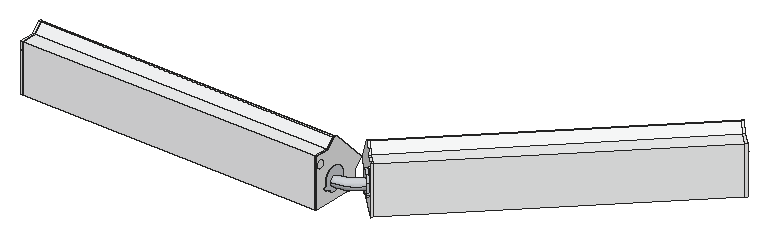
Revit family "ALS250T-FC", category Lighting Fixtures, Revit 2017
Family settings
  Round Connector Dimension = Use Diameter
  Part Type = Normal
  OmniClass Number = 23.80.70.00
  OmniClass Title = Lighting
  Work Plane-Based = Yes
  Always vertical = No
  Cut with Voids When Loaded = No
  Light Source = Yes
  Shared = No
  Room Calculation Point = No
Parameters (values of type "ALS210T FLAT LENS")
  Wattage = 9.2903 W
  built-in parameter 1150110 = 1 (stored number, unit not read)
  built-in parameter 1114217 = 1 (stored number, unit not read)
  Tilt Angle = 60.00°
  built-in parameter 1150109 = 1 (stored number, unit not read)
  built-in parameter 1150134 = 3
  built-in parameter 1150113 = 1 (stored number, unit not read)
  Photometric Web File = "generic"
  built-in parameter 1150142 = (empty or 0)
  built-in parameter 1150105 = 109.82 (stored number, unit not read)
  Lumens = 1380 lm
  built-in parameter 1150115 = 1 (stored number, unit not read)
  built-in parameter 1150137 = (empty or 0)
  built-in parameter 1150139 = (empty or 0)
  Length = 12.50"
  built-in parameter 1150112 = 1 (stored number, unit not read)
  built-in parameter 1150114 = 1 (stored number, unit not read)
  built-in parameter 1150132 = (empty or 0)
  built-in parameter 1150102 = (empty or 0)
  built-in parameter 1150107 = 3200 (stored number, unit not read)
  built-in parameter 1150138 = (empty or 0)
  built-in parameter 1150106 = 1.0982 (stored number, unit not read)
  Fixture Cap = Fixture Cap
  Fixture = Fixture
  Emit from Line Length = 24.00"
  built-in parameter 1150104 = 13.8 (stored number, unit not read)
  Dimming Lamp Color Temperature Shift = <None>
  Default Elevation = 48.00"
  Color Filter = 16777215
  built-in parameter 1114218 = 1 (stored number, unit not read)
  built-in parameter 1150133 = 10 (stored number, unit not read)
  ANGLE [instance] = 135.00°
Reference planes (in)
  plane 1 "Light Source Axis (F/B)": y = 0
  plane 2: z = 0
  plane 3 "Light Source Axis (L/R)": x = 0
  plane 4 "Light Source Elevation": z = 1.7596
Forms (in)
  Sweep 1, solid
    path origin (0.14575, 0.45757, -0.02068) x (0.573576, -0.819152, 0) y (0.819152, 0.573576, 0)
      loop
        arc (0.85395, -0.89353) -> (1.12049, -0.3153) -> (1.06388, 0.31888) r 1.23611
    profile origin (0.53016, -0.64113, -0.02068) x (-0.42541, 0.905001, 0) y (0, 0, 1)
      loop
        circle (0.01666, 0.83166) r 0.20314
Dimensions and locks (in)
  level to plane 4 "Light Source Elevation" = 1.7596"
  nested 1 to nested 1 = 12.50"
  nested 2 to nested 2 = 12.50"
  nested 1 to nested 1 = 2.37"
  "ANGLE": angle nested 2 to nested 1
  aligned and locked: level to plane 2
  aligned and locked: plane 3 "Light Source Axis (L/R)" to nested 1
Automatic sketch dimensions
  plane 3 "Light Source Axis (L/R)" to Sweep 1 sketch curve = 0.0043"
  Sweep 1 sketch curve to plane 1 "Light Source Axis (F/B)" = 0.47755"
  Sweep 1 sketch curve to Sweep 1 sketch curve = 0.95145"
  Sweep 1 sketch curve to Sweep 1 sketch curve = 0.20993"
  Sweep 1 sketch curve to Sweep 1 sketch curve = 0.78912"
  Sweep 1 sketch curve to profile plane = 0.01666"
  profile plane to Sweep 1 sketch curve = 0.83166"
  radius of Sweep 1 sketch curve = 0.20314"
Nested families (in)
  nested 1: "ALS250T-4RF" at (-12.73141, -1.56332, 0) x (-1, 0, 0) z (0, 0, 1), type "ALS250T"
  nested 2: "ALS250T 2-4RF" at (1.64331, -0.81359, 0) x (-0.7071, -0.7071, 0) z (0, 0, 1), type "ALS250T"
Definition of nested family "ALS250T-4RF"
  Parameters (values of type "ALS250T")
    Length = 12.50"
    Fixture Cap = none
    Fixture = none
  Reference planes (in)
    plane 1 "Light Source Axis (F/B)": y = 0
    plane 2: z = 0
    plane 3 "Light Source Axis (L/R)": x = 0
    plane 4 "Light Source Elevation": z = 1.73963
    plane 5: x = 0
    plane 6: x = -12.66
    plane 7: x = -0.08
    plane 8: x = -12.58
    plane 9: x = -12.692
    plane 10: x = 0.032
    plane 11: x = -6.33
  Forms (in)
    Extrusion 1, solid, material <- "Fixture Cap"
      sketch origin (-12.08, 12.00127, 7.05589) x (0, 0, -1) y (0, -1, 0)
        loop
          line (7.05589, 12.00127) -> (7.05589, 14.04127) -> (6.40589, 14.04127) -> (6.07589, 14.37127) -> (6.0005, 14.37127) -> (4.68589, 13.05666) -> (4.68589, 12.98517) -> (5.01589, 12.65517) -> (5.01589, 12.00127) -> (7.05589, 12.00127)
      from 0.5 to 0.58
    Extrusion 2, solid, material <- "Fixture Cap"
      sketch origin (-12.08, 0, 2.37) x (0, 0, -1) y (0, -1, 0)
        loop
          circle (0.67006, 0.16604) r 0.14271
        loop
          circle (2.21107, 1.68509) r 0.14271
      from 0.612 to 0.58
    Extrusion 3, solid, material <- "Fixture Cap"
      sketch origin (-12.08, 12.00127, 7.05589) x (0, 0, -1) y (0, 1, 0)
        loop
          line (7.05589, -12.00127) -> (5.01589, -12.00127) -> (5.01589, -12.65517) -> (4.68589, -12.98517) -> (4.68589, -13.05666) -> (6.0005, -14.37127) -> (6.07589, -14.37127) -> (6.40589, -14.04127) -> (7.05589, -14.04127) -> (7.05589, -12.00127)
      from 12 to 12.08
    Extrusion 4, solid, material <- "Fixture Cap"
      sketch origin (-12.08, 0, 2.37) x (0, 0, -1) y (0, 1, 0)
        loop
          circle (0.67006, -0.16604) r 0.14271
        loop
          circle (2.21107, -1.68509) r 0.14271
      from 12.112 to 12.08
    Extrusion 5, solid, material <- "Fixture"
      sketch origin (-12.08, 0, 2.37) x (0, 0, -1) y (0, -1, 0)
        loop
          line (1.72, 2.04) -> (1.39, 2.37) -> (1.31461, 2.37) -> (1.31461, 2.32) -> (1.36929, 2.32) -> (1.69929, 1.99) -> (2.32, 1.99) -> (2.32, 0.05) -> (0.38, 0.05) -> (0.38, 0.67462) -> (0.05, 1.00462) -> (0.05, 1.05539) -> (0, 1.05539) -> (0, 0.98391) -> (0.33, 0.65391) -> (0.33, 0) -> (2.37, 0) -> (2.37, 2.04) -> (1.72, 2.04)
      from -12 to 0.5
    Extrusion 6, solid
      sketch origin (-12.08, 0, 2.37) x (0, 0, -1) y (0, -1, 0)
        loop
          line (1.31461, 2.37) -> (0, 1.05539) -> (0.05, 1.05539) -> (1.31461, 2.32) -> (1.31461, 2.37)
      from -12 to 0.5
    Extrusion 7, solid
      sketch origin (-24.16, -0.89361, 1.59255) x (0, -0.999927, -0.012102) y (0, -0.012102, 0.999927)
        loop
          line (0.43668, -0.90149) -> (0.43668, -0.54705)
          arc (0.43668, -0.54705) -> (0, -0.253) -> (-0.43668, -0.54705) r 0.47127
          line (-0.43668, -0.54705) -> (-0.43668, -0.90149) -> (-0.47302, -0.90149)
          arc (-0.47302, -0.90149) -> (-0.50822, -0.93669) -> (-0.47302, -0.97189) r 0.0352
          line (-0.47302, -0.97189) -> (-0.43668, -0.97189) -> (-0.43668, -1.04166) -> (-0.34836, -1.04166)
          arc (-0.34836, -1.04166) -> (0.08284, -1.1882) -> (0.43668, -0.90149) r 0.47127
      from -11.5 to -11.42859
  Lines and regions (in)
    model lines
      curve 1: arc (-12.692, -0.16604, 1.55723) -> (-12.692, -0.30875, 1.69994) -> (-12.692, -0.16604, 1.84265) r 0.14271
      curve 2: line (-12.692, -0.25566, 1.75172) -> (-12.692, -0.19695, 1.69301)
      curve 3: line (-12.692, -0.19695, 1.69301) -> (-12.692, -0.25354, 1.63642)
      curve 4: line (-12.692, -0.25354, 1.63642) -> (-12.692, -0.22286, 1.60574)
      curve 5: line (-12.692, -0.22286, 1.60574) -> (-12.692, -0.16627, 1.66233)
      curve 6: line (-12.692, -0.16627, 1.66233) -> (-12.692, -0.11232, 1.60838)
      curve 7: line (-12.692, -0.11232, 1.60838) -> (-12.692, -0.08359, 1.63711)
      curve 8: line (-12.692, -0.08359, 1.63711) -> (-12.692, -0.13754, 1.69106)
      curve 9: line (-12.692, -0.13754, 1.69106) -> (-12.692, -0.07772, 1.75088)
      curve 10: line (-12.692, -0.07772, 1.75088) -> (-12.692, -0.1084, 1.78156)
      curve 11: line (-12.692, -0.1084, 1.78156) -> (-12.692, -0.16604, 1.72392)
      curve 12: line (-12.692, -0.16604, 1.72392) -> (-12.692, -0.22475, 1.78263)
      curve 13: line (-12.692, -0.22475, 1.78263) -> (-12.692, -0.25566, 1.75172)
      curve 14: line (-12.692, -1.77233, 0.21459) -> (-12.692, -1.71361, 0.15588)
      curve 15: line (-12.692, -1.71361, 0.15588) -> (-12.692, -1.77021, 0.09928)
      curve 16: line (-12.692, -1.77021, 0.09928) -> (-12.692, -1.73953, 0.0686)
      curve 17: line (-12.692, -1.73953, 0.0686) -> (-12.692, -1.68294, 0.1252)
      curve 18: line (-12.692, -1.68294, 0.1252) -> (-12.692, -1.62899, 0.07125)
      curve 19: line (-12.692, -1.62899, 0.07125) -> (-12.692, -1.60026, 0.09997)
      curve 20: line (-12.692, -1.60026, 0.09997) -> (-12.692, -1.65421, 0.15393)
      curve 21: line (-12.692, -1.65421, 0.15393) -> (-12.692, -1.59439, 0.21374)
      curve 22: line (-12.692, -1.59439, 0.21374) -> (-12.692, -1.62507, 0.24442)
      curve 23: line (-12.692, -1.62507, 0.24442) -> (-12.692, -1.68271, 0.18678)
      curve 24: line (-12.692, -1.68271, 0.18678) -> (-12.692, -1.74142, 0.24549)
      curve 25: line (-12.692, -1.74142, 0.24549) -> (-12.692, -1.77233, 0.21459)
      curve 26: line (0.032, -0.25566, 1.75172) -> (0.032, -0.19695, 1.69301)
      curve 27: line (0.032, -0.19695, 1.69301) -> (0.032, -0.25354, 1.63642)
      curve 28: line (0.032, -0.25354, 1.63642) -> (0.032, -0.22286, 1.60574)
      curve 29: line (0.032, -0.22286, 1.60574) -> (0.032, -0.16627, 1.66233)
      curve 30: line (0.032, -0.16627, 1.66233) -> (0.032, -0.11232, 1.60838)
      curve 31: line (0.032, -0.11232, 1.60838) -> (0.032, -0.08359, 1.63711)
      curve 32: line (0.032, -0.08359, 1.63711) -> (0.032, -0.13754, 1.69106)
      curve 33: line (0.032, -0.13754, 1.69106) -> (0.032, -0.07772, 1.75088)
      curve 34: line (0.032, -0.07772, 1.75088) -> (0.032, -0.1084, 1.78156)
      curve 35: line (0.032, -0.1084, 1.78156) -> (0.032, -0.16604, 1.72392)
      curve 36: line (0.032, -0.16604, 1.72392) -> (0.032, -0.22475, 1.78263)
      curve 37: line (0.032, -0.22475, 1.78263) -> (0.032, -0.25566, 1.75172)
      curve 38: line (0.032, -1.77233, 0.21459) -> (0.032, -1.71361, 0.15588)
      curve 39: line (0.032, -1.71361, 0.15588) -> (0.032, -1.77021, 0.09928)
      curve 40: line (0.032, -1.77021, 0.09928) -> (0.032, -1.73953, 0.0686)
      curve 41: line (0.032, -1.73953, 0.0686) -> (0.032, -1.68294, 0.1252)
      curve 42: line (0.032, -1.68294, 0.1252) -> (0.032, -1.62899, 0.07125)
      curve 43: line (0.032, -1.62899, 0.07125) -> (0.032, -1.60026, 0.09997)
      curve 44: line (0.032, -1.60026, 0.09997) -> (0.032, -1.65421, 0.15393)
      curve 45: line (0.032, -1.65421, 0.15393) -> (0.032, -1.59439, 0.21374)
      curve 46: line (0.032, -1.59439, 0.21374) -> (0.032, -1.62507, 0.24442)
      curve 47: line (0.032, -1.62507, 0.24442) -> (0.032, -1.68271, 0.18678)
      curve 48: line (0.032, -1.68271, 0.18678) -> (0.032, -1.74142, 0.24549)
      curve 49: line (0.032, -1.74142, 0.24549) -> (0.032, -1.77233, 0.21459)
  Dimensions and locks (in)
    plane 5 to plane 6 = 12.66"
    locked: plane 8 to plane 6 at 0.08
    locked: plane 5 to plane 7 at 0.08
    locked: plane 6 to plane 9 at 0.032
    locked: plane 10 to plane 5 at 0.032
    "Length": plane 7 to plane 8
    equal spacing: plane 9, plane 11, plane 10
    locked: Extrusion 7 to Extrusion 1 at 0.07141
    aligned and locked: level to plane 2
    aligned and locked: plane 6 to Extrusion 1
    aligned and locked: Extrusion 1 to plane 8
    aligned and locked: Extrusion 3 to plane 5
    aligned and locked: Extrusion 3 to plane 7
    aligned and locked: Extrusion 6 to plane 7
    aligned and locked: plane 8 to Extrusion 6
    aligned and locked: plane 8 to Extrusion 5
    aligned and locked: Extrusion 5 to plane 7
    aligned and locked: plane 9 to Extrusion 2
    aligned and locked: Extrusion 2 to plane 6
    aligned and locked: Extrusion 4 to plane 10
    aligned and locked: Extrusion 4 to plane 5
    aligned and locked: Extrusion 7 to Extrusion 1
  Automatic sketch dimensions
    Extrusion 1 sketch curve to plane 1 "Light Source Axis (F/B)" = 0.00"
    Extrusion 1 sketch curve to level = 0.00"
    Extrusion 1 sketch curve to Extrusion 1 sketch curve = 0.65"
    Extrusion 1 sketch curve to Extrusion 1 sketch curve = 0.33"  (x4)
    Extrusion 1 sketch curve to Extrusion 1 sketch curve = 0.07539"
    Extrusion 1 sketch curve to plane 4 "Light Source Elevation" = 0.30037"
    plane 1 "Light Source Axis (F/B)" to Extrusion 1 sketch curve = 0.65391"
    Extrusion 1 sketch curve to Extrusion 1 sketch curve = 0.07148"
    Extrusion 1 sketch curve to Extrusion 1 sketch curve = 2.04"
    plane 4 "Light Source Elevation" to Extrusion 2 sketch curve = 0.0397"
    level to Extrusion 2 sketch curve = 0.15893"
    plane 1 "Light Source Axis (F/B)" to Extrusion 2 sketch curve = 0.16604"
    plane 1 "Light Source Axis (F/B)" to Extrusion 2 sketch curve = 1.68509"
    Extrusion 3 sketch curve to plane 1 "Light Source Axis (F/B)" = 0.00"
    Extrusion 3 sketch curve to level = 0.00"
    Extrusion 3 sketch curve to Extrusion 3 sketch curve = 0.65"
    Extrusion 3 sketch curve to Extrusion 3 sketch curve = 0.33"  (x4)
    Extrusion 3 sketch curve to Extrusion 3 sketch curve = 0.07539"
    Extrusion 3 sketch curve to plane 4 "Light Source Elevation" = 0.30037"
    Extrusion 3 sketch curve to Extrusion 3 sketch curve = 0.65391"
    Extrusion 3 sketch curve to Extrusion 3 sketch curve = 0.07148"
    Extrusion 3 sketch curve to Extrusion 3 sketch curve = 2.04"
    plane 4 "Light Source Elevation" to Extrusion 4 sketch curve = 0.0397"
    level to Extrusion 4 sketch curve = 0.15893"
    plane 1 "Light Source Axis (F/B)" to Extrusion 4 sketch curve = 1.68509"
    plane 1 "Light Source Axis (F/B)" to Extrusion 4 sketch curve = 0.16604"
    Extrusion 5 sketch curve to plane 1 "Light Source Axis (F/B)" = 0.00"
    Extrusion 5 sketch curve to level = 0.00"
    level to Extrusion 5 sketch curve = 0.05"
    Extrusion 5 sketch curve to Extrusion 5 sketch curve = 0.60"
    Extrusion 5 sketch curve to Extrusion 5 sketch curve = 0.02071"  (x4)
    Extrusion 5 sketch curve to Extrusion 5 sketch curve = 0.33"  (x2)
    Extrusion 5 sketch curve to Extrusion 5 sketch curve = 0.05468"
    plane 1 "Light Source Axis (F/B)" to Extrusion 5 sketch curve = 0.05"
    Extrusion 5 sketch curve to plane 4 "Light Source Elevation" = 0.25037"
    Extrusion 5 sketch curve to Extrusion 5 sketch curve = 0.05"  (x4)
    Extrusion 5 sketch curve to Extrusion 5 sketch curve = 0.28"  (x2)
    Extrusion 5 sketch curve to Extrusion 5 sketch curve = 0.60391"
    Extrusion 5 sketch curve to Extrusion 5 sketch curve = 0.05077"
    Extrusion 5 sketch curve to Extrusion 5 sketch curve = 1.31538"
    Extrusion 6 sketch curve to plane 4 "Light Source Elevation" = 0.63037"
    Extrusion 6 sketch curve to Extrusion 6 sketch curve = 0.05"  (x2)
    plane 4 "Light Source Elevation" to Extrusion 6 sketch curve = 0.68424"
    plane 1 "Light Source Axis (F/B)" to Extrusion 6 sketch curve = 1.05539"
    Extrusion 6 sketch curve to Extrusion 6 sketch curve = 1.26461"
    curve 1 to curve 12 = 0.06002"
    curve 1 to curve 10 = 0.06109"
    curve 12 to curve 13 = 0.03091"
    curve 10 to curve 10 = 0.03068"
    curve 12 to curve 1 = 0.02398"
    curve 1 to curve 3 = 0.00693"
    curve 1 to curve 9 = 0.00888"
    curve 1 to curve 6 = 0.0376"
    curve 8 to curve 7 = 0.05395"
    curve 2 to curve 4 = 0.0566"
    curve 7 to curve 6 = 0.02873"
    curve 3 to curve 24 = 1.39093"
    curve 24 to curve 23 = 0.00107"
    curve 24 to curve 25 = 0.03091"
    curve 22 to curve 22 = 0.03068"
    curve 22 to curve 24 = 0.05764"
    curve 23 to curve 14 = 0.03091"
    curve 23 to curve 21 = 0.03285"
    curve 20 to curve 18 = 0.02873"
    curve 20 to curve 19 = 0.05395"
    curve 14 to curve 16 = 0.0566"
    curve 19 to curve 19 = 0.02873"
    curve 11 to curve 1 = 0.00"
    curve 9 to curve 1 = 0.0285"
    curve 4 to curve 22 = 1.37153"
    curve 21 to curve 19 = 0.00587"
    curve 36 to curve 34 = 0.00107"
    curve 36 to curve 37 = 0.03091"
    curve 34 to curve 33 = 0.03068"
    curve 34 to curve 36 = 0.05764"
    curve 35 to curve 26 = 0.03091"
    curve 35 to curve 33 = 0.03285"
    curve 32 to curve 30 = 0.02873"
    curve 32 to curve 32 = 0.05395"
    curve 26 to curve 27 = 0.0566"
    curve 31 to curve 31 = 0.02873"
    curve 27 to curve 49 = 1.39093"
    curve 48 to curve 47 = 0.00107"
    curve 48 to curve 38 = 0.03091"
    curve 46 to curve 46 = 0.03068"
    curve 46 to curve 47 = 0.05764"
    curve 47 to curve 39 = 0.03091"
    curve 47 to curve 45 = 0.03285"
    curve 44 to curve 41 = 0.02873"
    curve 44 to curve 43 = 0.05395"
    curve 38 to curve 39 = 0.0566"
    curve 43 to curve 42 = 0.02873"
    curve 38 to curve 39 = 0.00212"
    curve 46 to curve 37 = 1.36941"
    curve 26 to curve 27 = 0.00212"
    Extrusion 7 sketch curve to Extrusion 7 sketch curve = 0.00"  (x3)
    plane 1 "Light Source Axis (F/B)" to Extrusion 7 sketch curve = 0.40929"
    level to Extrusion 7 sketch curve = 0.66166"
    Extrusion 7 sketch curve to Extrusion 7 sketch curve = 0.03634"  (x2)
    Extrusion 7 sketch curve to Extrusion 7 sketch curve = 0.08832"
    Extrusion 7 sketch curve to Extrusion 7 sketch curve = 0.43668"  (x2)
    Extrusion 7 sketch curve to Extrusion 7 sketch curve = 0.0352"
    Extrusion 7 sketch curve to Extrusion 7 sketch curve = 0.06978"
    Extrusion 7 sketch curve to Extrusion 7 sketch curve = 0.14017"
    Extrusion 7 sketch curve to Extrusion 7 sketch curve = 0.35444"
    radius of Extrusion 2 sketch curve = 0.14271"  (x2)
    radius of Extrusion 4 sketch curve = 0.14271"  (x2)
    radius of curve 1 to Extrusion 2 = 0.00"
Definition of nested family "ALS250T 2-4RF"
  Parameters (values of type "ALS250T")
    Length = 12.50"
    Fixture Cap = none
    Fixture = none
  Reference planes (in)
    plane 1 "Light Source Axis (F/B)": y = 0
    plane 2: z = 0
    plane 3 "Light Source Axis (L/R)": x = 0
    plane 4 "Light Source Elevation": z = 1.73963
    plane 5: x = 0
    plane 6: x = -12.66
    plane 7: x = -0.08
    plane 8: x = -12.58
    plane 9: x = -12.692
    plane 10: x = 0.032
    plane 11: x = -6.33
  Forms (in)
    Extrusion 1, solid, material <- "Fixture Cap"
      sketch origin (-12.08, 12.00127, 7.05589) x (0, 0, -1) y (0, -1, 0)
        loop
          line (7.05589, 12.00127) -> (7.05589, 14.04127) -> (6.40589, 14.04127) -> (6.07589, 14.37127) -> (6.0005, 14.37127) -> (4.68589, 13.05666) -> (4.68589, 12.98517) -> (5.01589, 12.65517) -> (5.01589, 12.00127) -> (7.05589, 12.00127)
      from 0.5 to 0.58
    Extrusion 2, solid, material <- "Fixture Cap"
      sketch origin (-12.08, 0, 2.37) x (0, 0, -1) y (0, -1, 0)
        loop
          circle (0.67006, 0.16604) r 0.14271
        loop
          circle (2.21107, 1.68509) r 0.14271
      from 0.612 to 0.58
    Extrusion 3, solid, material <- "Fixture Cap"
      sketch origin (-12.08, 12.00127, 7.05589) x (0, 0, -1) y (0, 1, 0)
        loop
          line (7.05589, -12.00127) -> (5.01589, -12.00127) -> (5.01589, -12.65517) -> (4.68589, -12.98517) -> (4.68589, -13.05666) -> (6.0005, -14.37127) -> (6.07589, -14.37127) -> (6.40589, -14.04127) -> (7.05589, -14.04127) -> (7.05589, -12.00127)
      from 12 to 12.08
    Extrusion 4, solid, material <- "Fixture Cap"
      sketch origin (-12.08, 0, 2.37) x (0, 0, -1) y (0, 1, 0)
        loop
          circle (0.67006, -0.16604) r 0.14271
        loop
          circle (2.21107, -1.68509) r 0.14271
      from 12.112 to 12.08
    Extrusion 5, solid, material <- "Fixture"
      sketch origin (-12.08, 0, 2.37) x (0, 0, -1) y (0, -1, 0)
        loop
          line (1.72, 2.04) -> (1.39, 2.37) -> (1.31461, 2.37) -> (1.31461, 2.32) -> (1.36929, 2.32) -> (1.69929, 1.99) -> (2.32, 1.99) -> (2.32, 0.05) -> (0.38, 0.05) -> (0.38, 0.67462) -> (0.05, 1.00462) -> (0.05, 1.05539) -> (0, 1.05539) -> (0, 0.98391) -> (0.33, 0.65391) -> (0.33, 0) -> (2.37, 0) -> (2.37, 2.04) -> (1.72, 2.04)
      from -12 to 0.5
    Extrusion 6, solid
      sketch origin (-12.08, 0, 2.37) x (0, 0, -1) y (0, -1, 0)
        loop
          line (1.31461, 2.37) -> (0, 1.05539) -> (0.05, 1.05539) -> (1.31461, 2.32) -> (1.31461, 2.37)
      from -12 to 0.5
    Extrusion 7, solid
      sketch origin (0, -0.89361, 1.59255) x (0, -0.999927, -0.012102) y (0, 0.012102, -0.999927)
        loop
          arc (0.43668, 0.90149) -> (0.08284, 1.1882) -> (-0.34836, 1.04166) r 0.47127
          line (-0.34836, 1.04166) -> (-0.43668, 1.04166) -> (-0.43668, 0.97189) -> (-0.47302, 0.97189)
          arc (-0.47302, 0.97189) -> (-0.50822, 0.93669) -> (-0.47302, 0.90149) r 0.0352
          line (-0.47302, 0.90149) -> (-0.43668, 0.90149) -> (-0.43668, 0.54705)
          arc (-0.43668, 0.54705) -> (0, 0.253) -> (0.43668, 0.54705) r 0.47127
          line (0.43668, 0.54705) -> (0.43668, 0.90149)
      from 0 to 0.078
  Lines and regions (in)
    model lines
      curve 1: arc (-12.692, -0.16604, 1.55723) -> (-12.692, -0.30875, 1.69994) -> (-12.692, -0.16604, 1.84265) r 0.14271
      curve 2: line (-12.692, -0.25566, 1.75172) -> (-12.692, -0.19695, 1.69301)
      curve 3: line (-12.692, -0.19695, 1.69301) -> (-12.692, -0.25354, 1.63642)
      curve 4: line (-12.692, -0.25354, 1.63642) -> (-12.692, -0.22286, 1.60574)
      curve 5: line (-12.692, -0.22286, 1.60574) -> (-12.692, -0.16627, 1.66233)
      curve 6: line (-12.692, -0.16627, 1.66233) -> (-12.692, -0.11232, 1.60838)
      curve 7: line (-12.692, -0.11232, 1.60838) -> (-12.692, -0.08359, 1.63711)
      curve 8: line (-12.692, -0.08359, 1.63711) -> (-12.692, -0.13754, 1.69106)
      curve 9: line (-12.692, -0.13754, 1.69106) -> (-12.692, -0.07772, 1.75088)
      curve 10: line (-12.692, -0.07772, 1.75088) -> (-12.692, -0.1084, 1.78156)
      curve 11: line (-12.692, -0.1084, 1.78156) -> (-12.692, -0.16604, 1.72392)
      curve 12: line (-12.692, -0.16604, 1.72392) -> (-12.692, -0.22475, 1.78263)
      curve 13: line (-12.692, -0.22475, 1.78263) -> (-12.692, -0.25566, 1.75172)
      curve 14: line (-12.692, -1.77233, 0.21459) -> (-12.692, -1.71361, 0.15588)
      curve 15: line (-12.692, -1.71361, 0.15588) -> (-12.692, -1.77021, 0.09928)
      curve 16: line (-12.692, -1.77021, 0.09928) -> (-12.692, -1.73953, 0.0686)
      curve 17: line (-12.692, -1.73953, 0.0686) -> (-12.692, -1.68294, 0.1252)
      curve 18: line (-12.692, -1.68294, 0.1252) -> (-12.692, -1.62899, 0.07125)
      curve 19: line (-12.692, -1.62899, 0.07125) -> (-12.692, -1.60026, 0.09997)
      curve 20: line (-12.692, -1.60026, 0.09997) -> (-12.692, -1.65421, 0.15393)
      curve 21: line (-12.692, -1.65421, 0.15393) -> (-12.692, -1.59439, 0.21374)
      curve 22: line (-12.692, -1.59439, 0.21374) -> (-12.692, -1.62507, 0.24442)
      curve 23: line (-12.692, -1.62507, 0.24442) -> (-12.692, -1.68271, 0.18678)
      curve 24: line (-12.692, -1.68271, 0.18678) -> (-12.692, -1.74142, 0.24549)
      curve 25: line (-12.692, -1.74142, 0.24549) -> (-12.692, -1.77233, 0.21459)
      curve 26: line (0.032, -0.25566, 1.75172) -> (0.032, -0.19695, 1.69301)
      curve 27: line (0.032, -0.19695, 1.69301) -> (0.032, -0.25354, 1.63642)
      curve 28: line (0.032, -0.25354, 1.63642) -> (0.032, -0.22286, 1.60574)
      curve 29: line (0.032, -0.22286, 1.60574) -> (0.032, -0.16627, 1.66233)
      curve 30: line (0.032, -0.16627, 1.66233) -> (0.032, -0.11232, 1.60838)
      curve 31: line (0.032, -0.11232, 1.60838) -> (0.032, -0.08359, 1.63711)
      curve 32: line (0.032, -0.08359, 1.63711) -> (0.032, -0.13754, 1.69106)
      curve 33: line (0.032, -0.13754, 1.69106) -> (0.032, -0.07772, 1.75088)
      curve 34: line (0.032, -0.07772, 1.75088) -> (0.032, -0.1084, 1.78156)
      curve 35: line (0.032, -0.1084, 1.78156) -> (0.032, -0.16604, 1.72392)
      curve 36: line (0.032, -0.16604, 1.72392) -> (0.032, -0.22475, 1.78263)
      curve 37: line (0.032, -0.22475, 1.78263) -> (0.032, -0.25566, 1.75172)
      curve 38: line (0.032, -1.77233, 0.21459) -> (0.032, -1.71361, 0.15588)
      curve 39: line (0.032, -1.71361, 0.15588) -> (0.032, -1.77021, 0.09928)
      curve 40: line (0.032, -1.77021, 0.09928) -> (0.032, -1.73953, 0.0686)
      curve 41: line (0.032, -1.73953, 0.0686) -> (0.032, -1.68294, 0.1252)
      curve 42: line (0.032, -1.68294, 0.1252) -> (0.032, -1.62899, 0.07125)
      curve 43: line (0.032, -1.62899, 0.07125) -> (0.032, -1.60026, 0.09997)
      curve 44: line (0.032, -1.60026, 0.09997) -> (0.032, -1.65421, 0.15393)
      curve 45: line (0.032, -1.65421, 0.15393) -> (0.032, -1.59439, 0.21374)
      curve 46: line (0.032, -1.59439, 0.21374) -> (0.032, -1.62507, 0.24442)
      curve 47: line (0.032, -1.62507, 0.24442) -> (0.032, -1.68271, 0.18678)
      curve 48: line (0.032, -1.68271, 0.18678) -> (0.032, -1.74142, 0.24549)
      curve 49: line (0.032, -1.74142, 0.24549) -> (0.032, -1.77233, 0.21459)
  Dimensions and locks (in)
    plane 5 to plane 6 = 12.66"
    locked: plane 8 to plane 6 at 0.08
    locked: plane 5 to plane 7 at 0.08
    locked: plane 6 to plane 9 at 0.032
    locked: plane 10 to plane 5 at 0.032
    "Length": plane 7 to plane 8
    equal spacing: plane 9, plane 11, plane 10
    aligned and locked: level to plane 2
    aligned and locked: plane 6 to Extrusion 1
    aligned and locked: Extrusion 1 to plane 8
    aligned and locked: Extrusion 3 to plane 5
    aligned and locked: Extrusion 3 to plane 7
    aligned and locked: Extrusion 6 to plane 7
    aligned and locked: plane 8 to Extrusion 6
    aligned and locked: plane 8 to Extrusion 5
    aligned and locked: Extrusion 5 to plane 7
    aligned and locked: plane 9 to Extrusion 2
    aligned and locked: Extrusion 2 to plane 6
    aligned and locked: Extrusion 4 to plane 10
    aligned and locked: Extrusion 4 to plane 5
  Automatic sketch dimensions
    Extrusion 1 sketch curve to plane 1 "Light Source Axis (F/B)" = 0.00"
    Extrusion 1 sketch curve to level = 0.00"
    Extrusion 1 sketch curve to Extrusion 1 sketch curve = 0.65"
    Extrusion 1 sketch curve to Extrusion 1 sketch curve = 0.33"  (x4)
    Extrusion 1 sketch curve to Extrusion 1 sketch curve = 0.07539"
    Extrusion 1 sketch curve to plane 4 "Light Source Elevation" = 0.30037"
    plane 1 "Light Source Axis (F/B)" to Extrusion 1 sketch curve = 0.65391"
    Extrusion 1 sketch curve to Extrusion 1 sketch curve = 0.07148"
    Extrusion 1 sketch curve to Extrusion 1 sketch curve = 2.04"
    plane 4 "Light Source Elevation" to Extrusion 2 sketch curve = 0.0397"
    level to Extrusion 2 sketch curve = 0.15893"
    plane 1 "Light Source Axis (F/B)" to Extrusion 2 sketch curve = 0.16604"
    plane 1 "Light Source Axis (F/B)" to Extrusion 2 sketch curve = 1.68509"
    Extrusion 3 sketch curve to plane 1 "Light Source Axis (F/B)" = 0.00"
    Extrusion 3 sketch curve to level = 0.00"
    Extrusion 3 sketch curve to Extrusion 3 sketch curve = 0.65"
    Extrusion 3 sketch curve to Extrusion 3 sketch curve = 0.33"  (x4)
    Extrusion 3 sketch curve to Extrusion 3 sketch curve = 0.07539"
    Extrusion 3 sketch curve to plane 4 "Light Source Elevation" = 0.30037"
    Extrusion 3 sketch curve to Extrusion 3 sketch curve = 0.65391"
    Extrusion 3 sketch curve to Extrusion 3 sketch curve = 0.07148"
    Extrusion 3 sketch curve to Extrusion 3 sketch curve = 2.04"
    plane 4 "Light Source Elevation" to Extrusion 4 sketch curve = 0.0397"
    level to Extrusion 4 sketch curve = 0.15893"
    plane 1 "Light Source Axis (F/B)" to Extrusion 4 sketch curve = 1.68509"
    plane 1 "Light Source Axis (F/B)" to Extrusion 4 sketch curve = 0.16604"
    Extrusion 5 sketch curve to plane 1 "Light Source Axis (F/B)" = 0.00"
    Extrusion 5 sketch curve to level = 0.00"
    level to Extrusion 5 sketch curve = 0.05"
    Extrusion 5 sketch curve to Extrusion 5 sketch curve = 0.60"
    Extrusion 5 sketch curve to Extrusion 5 sketch curve = 0.02071"  (x4)
    Extrusion 5 sketch curve to Extrusion 5 sketch curve = 0.33"  (x2)
    Extrusion 5 sketch curve to Extrusion 5 sketch curve = 0.05468"
    plane 1 "Light Source Axis (F/B)" to Extrusion 5 sketch curve = 0.05"
    Extrusion 5 sketch curve to plane 4 "Light Source Elevation" = 0.25037"
    Extrusion 5 sketch curve to Extrusion 5 sketch curve = 0.05"  (x4)
    Extrusion 5 sketch curve to Extrusion 5 sketch curve = 0.28"  (x2)
    Extrusion 5 sketch curve to Extrusion 5 sketch curve = 0.60391"
    Extrusion 5 sketch curve to Extrusion 5 sketch curve = 0.05077"
    Extrusion 5 sketch curve to Extrusion 5 sketch curve = 1.31538"
    Extrusion 6 sketch curve to plane 4 "Light Source Elevation" = 0.63037"
    Extrusion 6 sketch curve to Extrusion 6 sketch curve = 0.05"  (x2)
    plane 4 "Light Source Elevation" to Extrusion 6 sketch curve = 0.68424"
    plane 1 "Light Source Axis (F/B)" to Extrusion 6 sketch curve = 1.05539"
    Extrusion 6 sketch curve to Extrusion 6 sketch curve = 1.26461"
    curve 1 to curve 12 = 0.06002"
    curve 1 to curve 10 = 0.06109"
    curve 12 to curve 13 = 0.03091"
    curve 10 to curve 10 = 0.03068"
    curve 12 to curve 1 = 0.02398"
    curve 1 to curve 3 = 0.00693"
    curve 1 to curve 9 = 0.00888"
    curve 1 to curve 6 = 0.0376"
    curve 8 to curve 7 = 0.05395"
    curve 2 to curve 4 = 0.0566"
    curve 7 to curve 6 = 0.02873"
    curve 3 to curve 24 = 1.39093"
    curve 24 to curve 23 = 0.00107"
    curve 24 to curve 25 = 0.03091"
    curve 22 to curve 22 = 0.03068"
    curve 22 to curve 24 = 0.05764"
    curve 23 to curve 14 = 0.03091"
    curve 23 to curve 21 = 0.03285"
    curve 20 to curve 18 = 0.02873"
    curve 20 to curve 19 = 0.05395"
    curve 14 to curve 16 = 0.0566"
    curve 19 to curve 19 = 0.02873"
    curve 11 to curve 1 = 0.00"
    curve 9 to curve 1 = 0.0285"
    curve 4 to curve 22 = 1.37153"
    curve 21 to curve 19 = 0.00587"
    curve 36 to curve 34 = 0.00107"
    curve 36 to curve 37 = 0.03091"
    curve 34 to curve 33 = 0.03068"
    curve 34 to curve 36 = 0.05764"
    curve 35 to curve 26 = 0.03091"
    curve 35 to curve 33 = 0.03285"
    curve 32 to curve 30 = 0.02873"
    curve 32 to curve 32 = 0.05395"
    curve 26 to curve 27 = 0.0566"
    curve 31 to curve 31 = 0.02873"
    curve 27 to curve 49 = 1.39093"
    curve 48 to curve 47 = 0.00107"
    curve 48 to curve 38 = 0.03091"
    curve 46 to curve 46 = 0.03068"
    curve 46 to curve 47 = 0.05764"
    curve 47 to curve 39 = 0.03091"
    curve 47 to curve 45 = 0.03285"
    curve 44 to curve 41 = 0.02873"
    curve 44 to curve 43 = 0.05395"
    curve 38 to curve 39 = 0.0566"
    curve 43 to curve 42 = 0.02873"
    curve 38 to curve 39 = 0.00212"
    curve 46 to curve 37 = 1.36941"
    curve 26 to curve 27 = 0.00212"
    Extrusion 7 sketch curve to Extrusion 7 sketch curve = 0.00"  (x4)
    plane 1 "Light Source Axis (F/B)" to Extrusion 7 sketch curve = 0.40929"
    level to Extrusion 7 sketch curve = 0.66166"
    Extrusion 7 sketch curve to Extrusion 7 sketch curve = 0.03634"  (x2)
    Extrusion 7 sketch curve to Extrusion 7 sketch curve = 0.08832"
    Extrusion 7 sketch curve to Extrusion 7 sketch curve = 0.43668"  (x2)
    Extrusion 7 sketch curve to Extrusion 7 sketch curve = 0.0352"
    Extrusion 7 sketch curve to Extrusion 7 sketch curve = 0.17722"
    Extrusion 7 sketch curve to Extrusion 7 sketch curve = 0.35444"
    radius of Extrusion 2 sketch curve = 0.14271"  (x2)
    radius of Extrusion 4 sketch curve = 0.14271"  (x2)
    radius of curve 1 to Extrusion 2 = 0.00"
